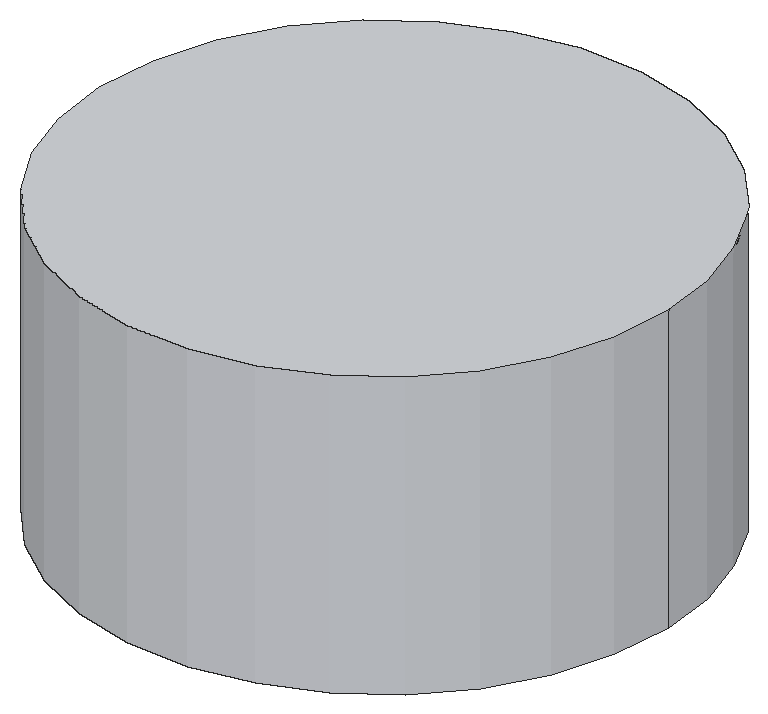
Revit family "07904000", category Specialty Equipment, Revit 2020
Family settings
  Round Connector Dimension = Use Diameter
  Part Type = Normal
  OmniClass Number = 23.40.40.14
  OmniClass Title = Food Service Equipment
  Work Plane-Based = No
  Always vertical = Yes
  Cut with Voids When Loaded = No
  Shared = No
  Room Calculation Point = No
Parameters (values of type "Standard")
  URL = "https://www.rustfriebergh.no/produkter/kj-lebr-nner-og-kj-leplater-pa-stativ/kj-lebr-nn-med-omluft-kbos-pa-stativ"
  Model = "07904000"
  Manufacturer = "Rustfrie Bergh AS"
  Description = "Kjølebrønn KBOS-4GN"
  Default Elevation = 0 mm
Reference planes
  plane 1 "Center (Front/Back)": y = 0
  plane 2: z = 0
  plane 3 "Center (Left/Right)": x = 0
Forms (mm)
  Extrusion 1, solid
    sketch origin (0, 200.75, 176.5) x (0, 1, 0) y (1, 0, 0)
      loop
        circle (0, 0) r 3.048
    from 0 to -3.048
Dimensions and locks
  aligned and locked: level to plane 2
Connectors
  electrical at (0, 200.75, 176.5)
    settings: on Extrusion 1, index 1, voltage 0 V, apparent load 1190 VA, apparent load phase1 0 VA, apparent load phase2 0 VA, apparent load phase3 0 VA, power factor 0, load classification "Other", number of poles 1, system type 30, power factor state 1, is connector primary yes, connector utility no, sub classification motor no, connector description "Strømart 230V 50HZ 1190W 5,17A"
